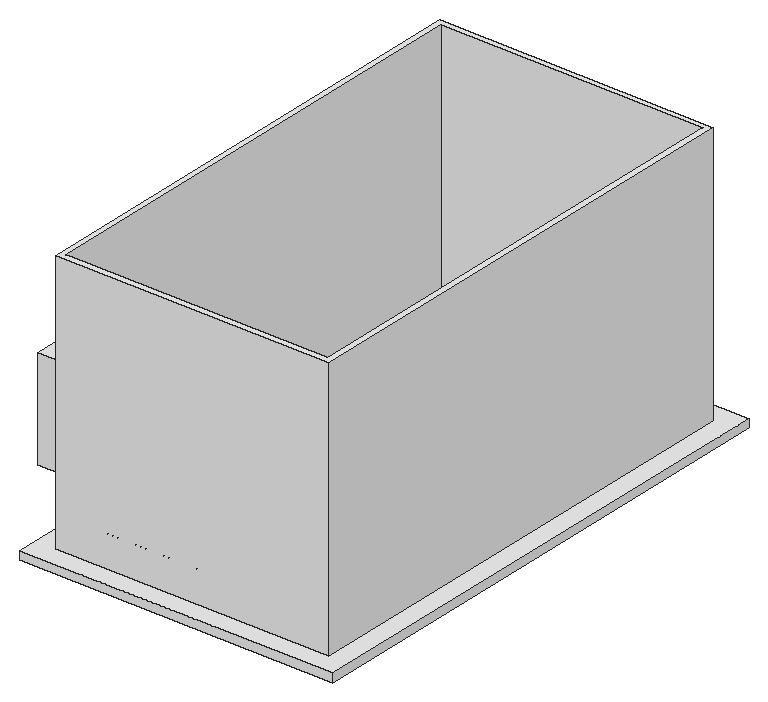
Revit family "Ceiling-Fan_VCDD-040C_Carnes", category Mechanical Equipment, host Ceiling, Revit 2012
Parameters
  ecoScorecard_data = ""
  ecoScorecard Product Page = "http://ecoscorecard.com/"
  Warranty URL = "http://www.carnes.com/GeneralCatalogs/termcond.pdf"
  Housing = Aluminum-Carnes-Spun-Brushed
  URL = "http://www.carnes.com/index.html"
  Specifications URL = ""
  Product Page URL = "http://www.carnes.com/ventilation/vcdd-vcdk.htm"
  Parts List URL = "http://www.carnes.com/ventilation/pdf/22005.pdf"
  Model = "VCDD 040C"  # constant formula
  Material = ""
  Manufacturer Toll Free Phone = ""
  Manufacturer Phone = "608-845-6411"  # constant formula
  Manufacturer Fax = "608-845-6470"  # constant formula
  Manufacturer Email = "mailto:carnes@carnes.com"
  Manufacturer Address = "448 S. Main St., P. O. Box 930040, Verona, WI 53593-0040"  # constant formula
  Manufacturer = "CARNES COMPANY"  # constant formula
  IOM Instructions URL = "http://www.carnes.com/ventilation/pdf/11236.pdf"
  Grill Size = "23-1/4 x 14"
  Grill Depth = 0' - 0 3/8"
  Duct Connector = "4-1/2 x 18"
  Description = "Ceiling Ventilators"  # constant formula
  Cost Info = "mailto:carnes@carnes.com"
  Catalog URL = "http://www.carnes.com/ventilation/pdf/C269-C295.pdf"
  Box Size = "21-1/2 x 12-1/4"
  Box Depth = 0' - 11 3/4"
  Assembly Code = "D3040200"
  95 CSI = "15850"  # constant formula
  04 CSI = "23 37 13"  # constant formula
Reference planes (in)
  plane 1 "Center (Front/Back)": y = 0
  plane 2 "Ceiling": z = 96
  plane 3 "Center (Left/Right)": x = 0
  plane 4: y = 10.75
  plane 5: x = -6.125
  plane 6: y = -10.75
  plane 7: x = 6.125
  plane 8: z = 95.625
  plane 9: z = 107.75
  plane 10: y = 11.625
  plane 11: x = -7
  plane 12: y = -11.625
  plane 13: x = 7
  plane 14: x = 5.875
Forms (in)
  Sweep 1, solid, material "Aluminum-Carnes-Spun-Brushed" <- "Housing", detail levels fine
    path origin (0, 0, 96) x (0, -1, 0) y (1, 0, 0)
      loop
        line (-10.625, 6.125) -> (-10.625, -6.125) -> (10.875, -6.125) -> (10.875, 6.125) -> (-10.625, 6.125)
    profile origin (6.125, -0.125, 96) x (1, 0, 0) y (0, 0, 1)
      loop
        line (0, 0) -> (0, 11.75) -> (-0.25, 11.75) -> (-0.25, 0) -> (0, 0)
  Sweep 2, solid, material "Aluminum-Carnes-Spun-Brushed" <- "Housing", detail levels fine
    path origin (0, 0, 96) x (0, -1, 0) y (1, 0, 0)
      loop
        line (-11.5, 7) -> (-11.5, -7) -> (11.75, -7) -> (11.75, 7) -> (-11.5, 7)
    profile origin (7, -0.125, 96) x (1, 0, 0) y (0, 0, 1)
      loop
        line (0, 0) -> (-1.125, 0) -> (-1.125, -0.375) -> (0, -0.375) -> (0, 0)
  Extrusion 3, solid, material "Aluminum-Carnes-Spun-Brushed", detail levels fine
    sketch origin (0, 0, 96) x (0, 1, 0) y (0, 0, 1)
      loop
        circle (9.99265, -0.1875) r 0.1875
      loop
        circle (9.36029, -0.1875) r 0.1875
      loop
        circle (8.72794, -0.1875) r 0.1875
      loop
        circle (8.09559, -0.1875) r 0.1875
      loop
        circle (7.46324, -0.1875) r 0.1875
      loop
        circle (6.83088, -0.1875) r 0.1875
      loop
        circle (6.19853, -0.1875) r 0.1875
      loop
        circle (5.56618, -0.1875) r 0.1875
      loop
        circle (4.93382, -0.1875) r 0.1875
      loop
        circle (4.30147, -0.1875) r 0.1875
      loop
        circle (3.66912, -0.1875) r 0.1875
      loop
        circle (3.03676, -0.1875) r 0.1875
      loop
        circle (2.40441, -0.1875) r 0.1875
      loop
        circle (1.77206, -0.1875) r 0.1875
      loop
        circle (1.13971, -0.1875) r 0.1875
      loop
        circle (0.50735, -0.1875) r 0.1875
      loop
        circle (-10.24265, -0.1875) r 0.1875
      loop
        circle (-9.61029, -0.1875) r 0.1875
      loop
        circle (-8.97794, -0.1875) r 0.1875
      loop
        circle (-8.34559, -0.1875) r 0.1875
      loop
        circle (-7.71324, -0.1875) r 0.1875
      loop
        circle (-7.08088, -0.1875) r 0.1875
      loop
        circle (-6.44853, -0.1875) r 0.1875
      loop
        circle (-5.81618, -0.1875) r 0.1875
      loop
        circle (-5.18382, -0.1875) r 0.1875
      loop
        circle (-4.55147, -0.1875) r 0.1875
      loop
        circle (-3.91912, -0.1875) r 0.1875
      loop
        circle (-3.28676, -0.1875) r 0.1875
      loop
        circle (-2.65441, -0.1875) r 0.1875
      loop
        circle (-2.02206, -0.1875) r 0.1875
      loop
        circle (-1.38971, -0.1875) r 0.1875
      loop
        circle (-0.75735, -0.1875) r 0.1875
      loop
        circle (-0.125, -0.1875) r 0.1875
    from -5.875 to 5.875
  Sweep 4, solid, material "Aluminum-Carnes-Spun-Brushed" <- "Housing", detail levels fine
    path origin (0, 0, 93.96678) x (0, 1, 0) y (0, 0, 1)
      loop
        line (9.125, 4.03322) -> (9.125, 8.53322) -> (-9.375, 8.53322) -> (-9.375, 4.03322) -> (9.125, 4.03322)
    profile origin (0, 9.125, 100.25) x (0, -1, 0) y (1, 0, 0)
      loop
        line (0, -6.125) -> (0, -8.125) -> (0.125, -8.125) -> (0.125, -6.125) -> (0, -6.125)
Lines and regions (in)
  Opening 1
    outline origin (-60, 60, 97) x (-1, 0, 0) y (0, -1, 0)
      loop
        line (-67, 71.625) -> (-67, 48.375) -> (-53, 48.375) -> (-53, 71.625) -> (-67, 71.625)
  model lines, detail levels coarse+medium
    curve 1: line (-7, 11.625, 96) -> (7, 11.625, 96)
    curve 2: line (7, -11.625, 96) -> (7, 11.625, 96)
    curve 3: line (-7, 9.125, 96) -> (-7, 11.625, 96)
    curve 4: line (-8.125, 9.125, 96) -> (-8.125, -9.375, 96)
    curve 5: line (-7, 9.125, 96) -> (-8.125, 9.125, 96)
    curve 6: line (-8.125, -9.375, 96) -> (-7, -9.375, 96)
    curve 7: line (-7, -11.625, 96) -> (7, -11.625, 96)
    curve 8: line (-7, -9.375, 96) -> (-7, -11.625, 96)
Dimensions and locks (in)
  equal spacing: host sketch curve, plane 3 "Center (Left/Right)", host sketch curve
  equal spacing: host sketch curve, plane 1 "Center (Front/Back)", host sketch curve
  host sketch curve to host sketch curve = 10' - 0"  (x2)
  equal spacing: plane 5, plane 3 "Center (Left/Right)", plane 7
  plane 5 to plane 7 = 1' - 0 1/4"
  equal spacing: plane 4, plane 1 "Center (Front/Back)", plane 6
  plane 4 to plane 6 = 1' - 9 1/2"
  "Grill Depth": plane 2 "Ceiling" to plane 8
  "Box Depth": plane 9 to plane 2 "Ceiling"
  equal spacing: plane 10, plane 1 "Center (Front/Back)", plane 12
  plane 10 to plane 12 = 1' - 11 1/4"
  equal spacing: plane 11, plane 3 "Center (Left/Right)", plane 13
  plane 11 to plane 13 = 1' - 2"
  equal spacing: Extrusion 3 sketch curve, Extrusion 3 sketch curve, Extrusion 3 sketch curve, Extrusion 3 sketch curve, Extrusion 3 sketch curve, Extrusion 3 sketch curve, Extrusion 3 sketch curve, Extrusion 3 sketch curve, Extrusion 3 sketch curve, Extrusion 3 sketch curve, Extrusion 3 sketch curve, Extrusion 3 sketch curve, Extrusion 3 sketch curve, Extrusion 3 sketch curve, Extrusion 3 sketch curve, Extrusion 3 sketch curve, Extrusion 3 sketch curve, Extrusion 3 sketch curve, Extrusion 3 sketch curve, Extrusion 3 sketch curve, Extrusion 3 sketch curve, Extrusion 3 sketch curve, Extrusion 3 sketch curve, Extrusion 3 sketch curve, Extrusion 3 sketch curve, Extrusion 3 sketch curve, Extrusion 3 sketch curve, Extrusion 3 sketch curve, Extrusion 3 sketch curve, Extrusion 3 sketch curve, Extrusion 3 sketch curve, Extrusion 3 sketch curve, Extrusion 3 sketch curve
  aligned and locked: Sweep 1 sketch curve to plane 14
  aligned and locked: Sweep 2 sketch curve to Sweep 1
  aligned and locked: Sweep 2 to Extrusion 3  (x2)
  aligned and locked: curve 1 to plane 10
  aligned and locked: plane 13 to curve 2
  aligned and locked: curve 3 to plane 11
  aligned and locked: curve 4 to Sweep 4
  aligned and locked: Sweep 4 to curve 5
  aligned and locked: curve 6 to Sweep 4
  aligned and locked: plane 12 to curve 7
  aligned and locked: Sweep 2 to curve 8
Automatic sketch dimensions
  Sweep 1 sketch curve to plane 5 = 0' - 0"
  Sweep 1 sketch curve to plane 7 = 0' - 0"
  Sweep 1 sketch curve to plane 4 = 0' - 0 1/8"
  plane 6 to Sweep 1 sketch curve = 0' - 0 1/8"
  profile plane to Sweep 1 sketch curve = 0' - 0"
  Sweep 1 sketch curve to profile plane = 0' - 0"
  profile plane to Sweep 1 sketch curve = 0' - 11 3/4"
  Sweep 2 sketch curve to plane 11 = 0' - 0"
  Sweep 2 sketch curve to plane 13 = 0' - 0"
  Sweep 2 sketch curve to plane 10 = 0' - 0 1/8"
  plane 12 to Sweep 2 sketch curve = 0' - 0 1/8"
  profile plane to Sweep 2 sketch curve = 0' - 0"
  Sweep 2 sketch curve to profile plane = 0' - 0"
  Sweep 2 sketch curve to profile plane = 0' - 0 3/8"
  Extrusion 3 sketch curve to plane 2 "Ceiling" = 0' - 0 3/16"  (x33)
  Extrusion 3 sketch curve to plane 6 = 0' - 0.50735"
  Extrusion 3 sketch curve to Extrusion 3 sketch curve = 0' - 0.63235"  (x30)
  Extrusion 3 sketch curve to plane 1 "Center (Front/Back)" = 0' - 0 1/8"
  plane 1 "Center (Front/Back)" to Extrusion 3 sketch curve = 0' - 0.50735"
  Sweep 4 sketch curve to plane 6 = 0' - 1 3/8"
  Sweep 4 sketch curve to plane 4 = 0' - 1 5/8"
  plane 2 "Ceiling" to Sweep 4 sketch curve = 0' - 2"
  Sweep 4 sketch curve to Sweep 4 sketch curve = 0' - 4 1/2"
  Sweep 4 sketch curve to profile plane = 0' - 0"
  Sweep 4 sketch curve to profile plane = 0' - 0 1/8"
  Sweep 4 sketch curve to profile plane = 0' - 8 1/8"
  Sweep 4 sketch curve to Sweep 4 sketch curve = 0' - 2"
  Opening 1 sketch curve to plane 13 = 0' - 0"
  plane 12 to Opening 1 sketch curve = 0' - 0"
  plane 11 to Opening 1 sketch curve = 0' - 0"
  plane 10 to Opening 1 sketch curve = 0' - 0"
  radius of Extrusion 3 sketch curve = 0' - 0 3/16"  (x33)
